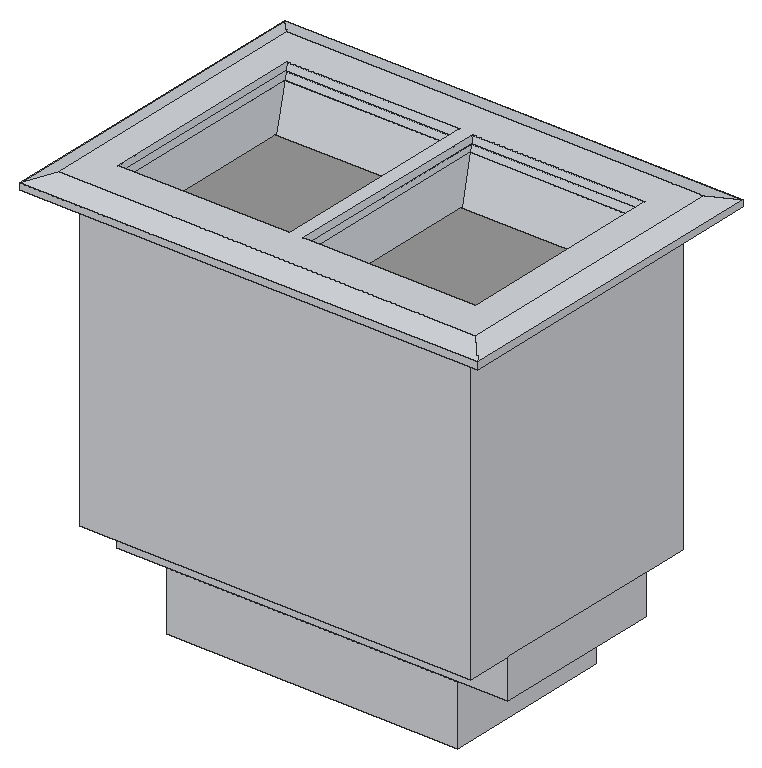
Revit family "2061101 Sylvania Lighting Fixture DOMINO 2xLED 940 BLACK MB TRIM WHITE", category Lighting Fixtures, host Face, Revit 2018
Family settings
  Host = Face
  Round Connector Dimension = Use Diameter
  Part Type = Normal
  OmniClass Number = 23.80.70.00
  OmniClass Title = Lighting
  Cut with Voids When Loaded = No
  Light Source = Yes
  Shared = No
  Room Calculation Point = No
Parameters (values of type "2061101 DOMINO 2XLED 940 BLACK MB TR WHT ")
  top top length = 44 mm
  Width = 50 mm
  Weight = "n/a"
  Wattage Comments = ""
  Wattage = 9.2903 W
  WarrantyStartDate [instance] = "n/a"
  WarrantyGuarantorParts = "n/a"
  WarrantyDurationUnit = "n/a"
  WarrantyDurationParts = ""
  WarrantyDescription = "http://www.sylvania-lighting.com"
  built-in parameter 1150110 = 1 (stored number, unit not read)
  Voltage = 0 V
  URL = "0.6"
  TypeName = "DOMINO 2xLED 940 BLACK MB TRIM WHITE"
  Type Image = <None>
  Type Comments = "n/a"
  built-in parameter 1114217 = 1 (stored number, unit not read)
  Top Width = 26 mm
  Tilt Angle = 90.00°
  built-in parameter 1150109 = 1 (stored number, unit not read)
  built-in parameter 1150134 = 3
  built-in parameter 1150113 = 1 (stored number, unit not read)
  SerialNumber [instance] = "n/a"
  Recessed Width = 43 mm
  Recessed Length = 63 mm
  Photometric Web File = "2061101.ies"
  Material_3_FEILO = none
  PowerFactor = 0
  PowerConsumption = "Lighting"
  NominalLength = 50 mm
  NominalHeight = 0 mm
  NominalDepth = 0 mm
  Name = "DOMINO 2xLED 940 BLACK MB TRIM WHITE"
  ModelReference = Name  # "DOMINO 2xLED 940 BLACK MB TRIM WHITE"
  ModelNumber = "2061101"
  Model = Name  # "DOMINO 2xLED 940 BLACK MB TRIM WHITE"
  Material = "Feilo Sylvania"
  ManufacturerName = "58 lm/W"
  Manufacturer = ""
  LuminousEfficacy = ""
  built-in parameter 1150105 = 109.82 (stored number, unit not read)
  Lumens = 1380 lm
  LuminaireType = "0"
  built-in parameter 1150115 = 1 (stored number, unit not read)
  LightOutputRatio = "LED"
  built-in parameter 1150137 = (empty or 0)
  built-in parameter 1150139 = (empty or 0)
  Lens Width = 32 mm
  Lens = Glass, White, High Luminance
  Length = 69 mm
  LampsType = Lamp  # "n/a"
  LampNominalLuminous = "4000 K"
  LampMacAdamStep = "90"
  LampColourTemperature = "LED"
  LampColourRenderingIndex = "16500"
  built-in parameter 1150112 = 1 (stored number, unit not read)
  built-in parameter 1150114 = 1 (stored number, unit not read)
  Lamp = "n/a"
  Keynote = "n/a"
  InstallationDate [instance] = "n/a"
  InputVoltage = "0"
  InputNominalFrequency = "4000"
  built-in parameter 1150132 = (empty or 0)
  built-in parameter 1150102 = (empty or 0)
  built-in parameter 1150107 = 3200 (stored number, unit not read)
  built-in parameter 1150138 = (empty or 0)
  IngressProtection = "IfcLightFixtureType"
  ImpactProtectionIndex = "IfcLightFixtureType"
  built-in parameter 1150106 = 1.0982 (stored number, unit not read)
  IfcExportType = "IfcLightFixtureType"
  IfcExportAs = "Class II"
  Facia internal width = 37 mm
  Facia internal length = 56 mm
  Facia Height = 2 mm
  ExpectedLife = 50000
  Emit from Circle Diameter = 609.6 mm
  Emit Shape Visible in Rendering = no
  ElectricShockClassification = "58"
  built-in parameter 1150104 = 13.8 (stored number, unit not read)
  DurationUnit = "hours"
  DocumentationLiterature = "http://www.sylvania-lighting.com/product/en-int/products/2061101"
  DimmingControlOptions = "n/a"
  Material_2_FEILO = none
  Dimming Lamp Color Temperature Shift = <None>
  Description = "Modular LED recessed linear spotlight, ideal for retail and hospitality applications. Die-cast aluminium body, passive cooling. Two levels of reflector installation, low glaring UGR<16. 2x LED source, 30° beam angle , optics: PMMA lens and polycarbonate reflector combination, Black matt reflector finish. Light color temperature: 4000K neutral white, total system power: 6W , total fixture lumen output: 345lm, efficacy: 58 lm/W, Ra90 typical, LED chromacity: 3 step MacAdam ellipse (SDCM3), lifespan: 96,000 hours at 90% of the original output (L90B10), IR/UV free light source without heat radiation, operating voltage: 220-240V / 50-60Hz, electronic driver, ultra low flicker, non-dimmable , electrical protection: Class II. Degree of Protection: IP40/IP20, suitable for indoor environment only. Ceiling cut-out: 43x43mm, outer dimensions:  70x50mm trim frame RAL 9016 - Traffic white / Bezel color.5 years Warranty."
  Default Elevation = 1219.2 mm
  CreatedOn = "10/02/2021"
  CreatedBy = "harvey.smart@sylvania-lighting.com"
  Cost = 0
  Color Filter = 16777215
  built-in parameter 1114216 [instance] = (empty or 0)
  ClassificationValue = "EF_70_80"
  ClassificationName = "Uniclass2015"
  Material_1_FEILO = none
  Body Width = 40 mm
  Body Length = 59 mm
  BarCode [instance] = "n/a"
  built-in parameter 1114218 = 1 (stored number, unit not read)
  built-in parameter 1150133 = 10 (stored number, unit not read)
  AssetType = "Fixed"
  AssetIdentifier [instance] = "n/a"
  Assembly Code = "D5020200"
  Apparent Load = 6 VA
  Material_4_FEILO = none
Reference planes
  plane 1 "Center (Front/Back)": y = 0
  plane 2: z = 0
  plane 3 "Center (Left/Right)": x = 0
  plane 4: z = 0
  plane 5: z = -7
  plane 6: z = -45.895
  plane 7: z = -51.895
  plane 8: z = -60.895
  plane 9: x = -31.5
  plane 10: x = 31.5
  plane 11: y = 21.5
  plane 12: y = -21.5
  plane 13: x = -34.5
  plane 14: x = 34.5
  plane 15: y = 25
  plane 16: y = -25
  plane 17: x = 28
  plane 18: x = -28
  plane 19: y = 18.5
  plane 20: y = -18.5
  plane 21: z = 2
  plane 22: x = -29.5
  plane 23: x = 29.5
  plane 24: y = 20
  plane 25: y = -20
  plane 26: y = 13
  plane 27: y = -13
  plane 28: x = 22
  plane 29: y = 16
  plane 30: y = -16
  plane 31: x = -27
  plane 32: x = -1
  plane 33: x = -26
  plane 34: x = -2
  plane 35: y = 12.5
  plane 36: y = -12.5
  plane 37: x = 27
  plane 38: x = 1
  plane 39: x = 2
  plane 40: x = 26.026
Forms (mm)
  Extrusion 1, solid, not visible, detail levels medium+fine
    sketch origin (4.2, 0, 0) x (1, 0, 0) y (0, 1, 0)
      loop
        line (-29.2, 34.5) -> (-29.2, -34.5) -> (20.8, -34.5) -> (20.8, 34.5) -> (-29.2, 34.5)
    from 0 to 1
  Extrusion 2, solid, not visible, detail levels medium+fine
    sketch origin (4.044, 0, 0) x (1, 0, 0) y (0, 1, 0)
      loop
        line (-29.2, 34.5) -> (-29.2, -34.5) -> (20.8, -34.5) -> (20.8, 34.5) -> (-29.2, 34.5)
    from 0 to 1
  Blend 3, solid, not visible, detail levels medium+fine
    base sketch origin (4.2, 0, 0) x (1, 0, 0) y (0, 1, 0)
      loop
        line (-29.2, 34.5) -> (-29.2, -34.5) -> (20.8, -34.5) -> (20.8, 34.5) -> (-29.2, 34.5)
    top sketch origin (4.2, 0, 0) x (1, 0, 0) y (0, 1, 0)
      loop
        line (-21.7, 28) -> (-21.7, -28) -> (13.3, -28) -> (13.3, 28) -> (-21.7, 28)
    from 1 to 3
  Extrusion 4, solid, not visible, detail levels medium+fine
    sketch origin (3.419, 0, 0) x (1, 0, 0) y (0, 1, 0)
      loop
        line (-29.2, 34.5) -> (-29.2, -34.5) -> (20.8, -34.5) -> (20.8, 34.5) -> (-29.2, 34.5)
    from 0 to 1
  Blend 5, solid, not visible, detail levels medium+fine
    base sketch origin (3.575, 0, 0) x (1, 0, 0) y (0, 1, 0)
      loop
        line (-29.2, 34.5) -> (-29.2, -34.5) -> (20.8, -34.5) -> (20.8, 34.5) -> (-29.2, 34.5)
    top sketch origin (3.575, 0, 0) x (1, 0, 0) y (0, 1, 0)
      loop
        line (-21.7, 28) -> (-21.7, -28) -> (13.3, -28) -> (13.3, 28) -> (-21.7, 28)
    from 1 to 3
  Extrusion 6, solid, not visible, detail levels medium+fine
    sketch origin (4.247, 0, 0) x (1, 0, 0) y (0, 1, 0)
      loop
        line (-29.2, 34.5) -> (-29.2, -34.5) -> (20.8, -34.5) -> (20.8, 34.5) -> (-29.2, 34.5)
    from 0 to 1
  Blend 7, solid, not visible, detail levels medium+fine
    base sketch origin (4.403, 0, 0) x (1, 0, 0) y (0, 1, 0)
      loop
        line (-29.2, 34.5) -> (-29.2, -34.5) -> (20.8, -34.5) -> (20.8, 34.5) -> (-29.2, 34.5)
    top sketch origin (4.403, 0, 0) x (1, 0, 0) y (0, 1, 0)
      loop
        line (-21.7, 28) -> (-21.7, -28) -> (13.3, -28) -> (13.3, 28) -> (-21.7, 28)
    from 1 to 3
  Extrusion 8, void, detail levels medium+fine
    sketch origin (4.2, 0, 0) x (0, 1, 0) y (1, 0, 0)
      loop
        line (21.5, -35.7) -> (21.5, 27.3) -> (-21.5, 27.3) -> (-21.5, -35.7) -> (21.5, -35.7)
    from -9.934 to 83.097
  Extrusion 9, solid, detail levels medium+fine
    sketch origin (4.2, 0, 0) x (1, 0, 0) y (0, 1, 0)
      loop
        line (-38.7, 25) -> (-38.7, -25) -> (30.3, -25) -> (30.3, 25) -> (-38.7, 25)
    from 0 to 1
  Blend 10, solid, detail levels medium+fine
    base sketch origin (4.2, 0, 0) x (1, 0, 0) y (0, 1, 0)
      loop
        line (-38.7, 25) -> (-38.7, -25) -> (30.3, -25) -> (30.3, 25) -> (-38.7, 25)
    top sketch origin (4.2, 0, 0) x (1, 0, 0) y (0, 1, 0)
      loop
        line (-35.7, 21.5) -> (-35.7, -21.5) -> (27.3, -21.5) -> (27.3, 21.5) -> (-35.7, 21.5)
    from 1 to 2
  Extrusion 11, solid, detail levels medium+fine
    sketch origin (4.2, 0, 0) x (1, 0, 0) y (0, 1, 0)
      loop
        line (-33.7, 20) -> (-33.7, -20) -> (25.3, -20) -> (25.3, 20) -> (-33.7, 20)
    from 0 to -45.895
  Extrusion 12, solid, detail levels medium+fine
    sketch origin (4.2, 0, 0) x (1, 0, 0) y (0, 1, 0)
      loop
        line (-33.7, 13) -> (-33.7, -13) -> (25.3, -13) -> (25.3, 13) -> (-33.7, 13)
    from -51.895 to -45.895
  Extrusion 13, solid, detail levels fine
    sketch origin (4.2, 0, 0) x (1, 0, 0) y (0, 1, 0)
      loop
        line (-26.2, 13) -> (-26.2, -13) -> (17.8, -13) -> (17.8, 13) -> (-26.2, 13)
    from -60.895 to -51.895
  Blend 14, void, detail levels medium+fine
    base sketch origin (4.2, 0, 0) x (0, 1, 0) y (-1, 0, 0)
      loop
        line (16, 31.2) -> (-16, 31.2) -> (-16, 5.2) -> (16, 5.2) -> (16, 31.2)
    top sketch origin (4.2, 0, 0) x (0, 1, 0) y (-1, 0, 0)
      loop
        line (12.5, 30.2) -> (-12.5, 30.2) -> (-12.5, 6.2) -> (12.5, 6.2) -> (12.5, 30.2)
    from 2 to -7
  Blend 15, void, detail levels medium+fine
    base sketch origin (4.2, 0, 0) x (0, 1, 0) y (-1, 0, 0)
      loop
        line (16, 3.2) -> (-16, 3.2) -> (-16, -22.8) -> (16, -22.8) -> (16, 3.2)
    top sketch origin (4.2, 0, 0) x (0, 1, 0) y (-1, 0, 0)
      loop
        line (12.5, 2.2) -> (-12.5, 2.2) -> (-12.5, -21.826) -> (12.5, -21.826) -> (12.5, 2.2)
    from 2 to -7
  Extrusion 16, solid, material "Glass, White, High Luminance" <- "Lens", detail levels fine
    sketch origin (0, 1219.2, 38) x (1, 0, 0) y (0, 1, 0)
      loop
        line (-26, -1206.7) -> (-26, -1231.7) -> (-2, -1231.7) -> (-2, -1206.7) -> (-26, -1206.7)
    from -45 to -44
  Extrusion 17, solid, material "Glass, White, High Luminance" <- "Lens", detail levels fine
    sketch origin (4.2, 0, 0) x (1, 0, 0) y (0, 1, 0)
      loop
        line (-2.2, 12.5) -> (-2.2, -12.5) -> (21.826, -12.5) -> (21.826, 12.5) -> (-2.2, 12.5)
    from -7 to -6
  Extrusion 18, solid, detail levels coarse
    sketch origin (0, 1219.2, 38) x (1, 0, 0) y (0, 1, 0)
      loop
        line (34.5, -1194.2) -> (-34.5, -1194.2) -> (-34.5, -1244.2) -> (34.5, -1244.2) -> (34.5, -1194.2)
    from -36 to -98.895
Cuts and joins
  Blend 14, Blend 15 cuts Extrusion 9
  Blend 14, Blend 15 cuts Blend 10
  Blend 14, Blend 15 cuts Extrusion 11
Dimensions and locks
  "Recessed Length": plane 9 to plane 10
  equal spacing: plane 9, plane 3 "Center (Left/Right)", plane 10
  "Length": plane 13 to plane 14
  equal spacing: plane 13, plane 3 "Center (Left/Right)", plane 14
  "Recessed Width": plane 11 to plane 12
  equal spacing: plane 11, plane 1 "Center (Front/Back)", plane 12
  "Width": plane 15 to plane 16
  equal spacing: plane 15, plane 1 "Center (Front/Back)", plane 16
  "Facia internal length": plane 18 to plane 17
  equal spacing: plane 18, plane 3 "Center (Left/Right)", plane 17
  "Facia internal width": plane 19 to plane 20
  equal spacing: plane 19, plane 1 "Center (Front/Back)", plane 20
  "Facia Height": plane 21 to host face
  "Body Length": plane 22 to plane 23
  equal spacing: plane 22, plane 3 "Center (Left/Right)", plane 23
  "Body Width": plane 24 to plane 25
  equal spacing: plane 24, plane 1 "Center (Front/Back)", plane 25
  "Top Width": plane 26 to plane 27
  equal spacing: plane 26, plane 1 "Center (Front/Back)", plane 27
  plane 3 "Center (Left/Right)" to plane 28 = 22 mm
  "Lens Width": plane 29 to plane 30
  equal spacing: plane 29, plane 1 "Center (Front/Back)", plane 30
  aligned and locked: plane 2 to host face
  aligned and locked: level to host face
  aligned and locked: plane 21 to Blend 10
  aligned and locked: Extrusion 9 to Blend 10
  aligned and locked: plane 7 to Extrusion 13
  aligned and locked: Extrusion 12 to plane 7
  aligned and locked: Extrusion 11 to plane 6
  aligned and locked: Blend 14 to plane 5
  aligned and locked: plane 21 to Blend 14
  aligned and locked: Blend 15 to plane 5
  aligned and locked: plane 21 to Blend 15
Automatic sketch dimensions
  host sketch curve to host sketch curve = 2438.4 mm  (x2)
  Extrusion 1 sketch curve to Extrusion 1 sketch curve = 50 mm
  Extrusion 1 sketch curve to Extrusion 1 sketch curve = 69 mm
  Extrusion 2 sketch curve to Extrusion 2 sketch curve = 50 mm
  Extrusion 2 sketch curve to Extrusion 2 sketch curve = 69 mm
  Blend 3 sketch curve to Blend 3 sketch curve = 50 mm
  Blend 3 sketch curve to Blend 3 sketch curve = 69 mm
  Blend 3 sketch curve to Blend 3 sketch curve = 35 mm
  Blend 3 sketch curve to Blend 3 sketch curve = 56 mm
  Extrusion 4 sketch curve to Extrusion 4 sketch curve = 50 mm
  Extrusion 4 sketch curve to Extrusion 4 sketch curve = 69 mm
  Blend 5 sketch curve to Blend 5 sketch curve = 50 mm
  Blend 5 sketch curve to Blend 5 sketch curve = 69 mm
  Blend 5 sketch curve to Blend 5 sketch curve = 35 mm
  Blend 5 sketch curve to Blend 5 sketch curve = 56 mm
  Extrusion 6 sketch curve to Extrusion 6 sketch curve = 50 mm
  Extrusion 6 sketch curve to Extrusion 6 sketch curve = 69 mm
  Blend 7 sketch curve to Blend 7 sketch curve = 50 mm
  Blend 7 sketch curve to Blend 7 sketch curve = 69 mm
  Blend 7 sketch curve to Blend 7 sketch curve = 35 mm
  Blend 7 sketch curve to Blend 7 sketch curve = 56 mm
  Extrusion 8 sketch curve to plane 9 = 0 mm
  Extrusion 8 sketch curve to plane 12 = 0 mm
  Extrusion 8 sketch curve to plane 11 = 0 mm
  Extrusion 8 sketch curve to plane 10 = 0 mm
  Extrusion 9 sketch curve to plane 13 = 0 mm
  Extrusion 9 sketch curve to plane 14 = 0 mm
  Extrusion 9 sketch curve to plane 16 = 0 mm
  Extrusion 9 sketch curve to plane 15 = 0 mm
  Blend 10 sketch curve to plane 13 = 0 mm
  Blend 10 sketch curve to plane 14 = 0 mm
  Blend 10 sketch curve to plane 16 = 0 mm
  Blend 10 sketch curve to plane 15 = 0 mm
  Blend 10 sketch curve to plane 9 = 0 mm
  Blend 10 sketch curve to plane 10 = 0 mm
  Blend 10 sketch curve to plane 12 = 0 mm
  Blend 10 sketch curve to plane 11 = 0 mm
  Extrusion 11 sketch curve to plane 22 = 0 mm
  Extrusion 11 sketch curve to plane 23 = 0 mm
  Extrusion 11 sketch curve to plane 25 = 0 mm
  Extrusion 11 sketch curve to plane 24 = 0 mm
  Extrusion 12 sketch curve to plane 22 = 0 mm
  Extrusion 12 sketch curve to plane 23 = 0 mm
  Extrusion 12 sketch curve to plane 27 = 0 mm
  Extrusion 12 sketch curve to plane 26 = 0 mm
  Extrusion 13 sketch curve to plane 27 = 0 mm
  Extrusion 13 sketch curve to plane 28 = 0 mm
  Extrusion 13 sketch curve to plane 26 = 0 mm
  plane 18 to Extrusion 13 sketch curve = 6 mm
  Blend 14 sketch curve to plane 30 = 0 mm
  Blend 14 sketch curve to plane 29 = 0 mm
  Blend 14 sketch curve to plane 32 = 0 mm
  Blend 14 sketch curve to plane 31 = 0 mm
  Blend 14 sketch curve to plane 33 = 0 mm
  Blend 14 sketch curve to plane 36 = 0 mm
  Blend 14 sketch curve to plane 35 = 0 mm
  Blend 14 sketch curve to plane 34 = 0 mm
  Blend 15 sketch curve to plane 30 = 0 mm
  Blend 15 sketch curve to plane 29 = 0 mm
  Blend 15 sketch curve to plane 37 = 0 mm
  Blend 15 sketch curve to plane 38 = 0 mm
  Blend 15 sketch curve to plane 36 = 0 mm
  Blend 15 sketch curve to plane 35 = 0 mm
  Blend 15 sketch curve to plane 40 = 0 mm
  Blend 15 sketch curve to plane 39 = 0 mm
  plane 31 to Extrusion 16 sketch curve = 1 mm
  Extrusion 16 sketch curve to plane 11 = 9 mm
  Extrusion 16 sketch curve to plane 34 = 0 mm
  plane 1 "Center (Front/Back)" to Extrusion 16 sketch curve = 12.5 mm
  Extrusion 17 sketch curve to plane 36 = 0 mm
  Extrusion 17 sketch curve to plane 39 = 0 mm
  Extrusion 17 sketch curve to plane 40 = 0 mm
  Extrusion 17 sketch curve to plane 35 = 0 mm
  Extrusion 18 sketch curve to plane 33 = 8.5 mm
  plane 14 to Extrusion 18 sketch curve = 0 mm
  plane 16 to Extrusion 18 sketch curve = 50 mm
  Extrusion 18 sketch curve to plane 36 = 12.5 mm
